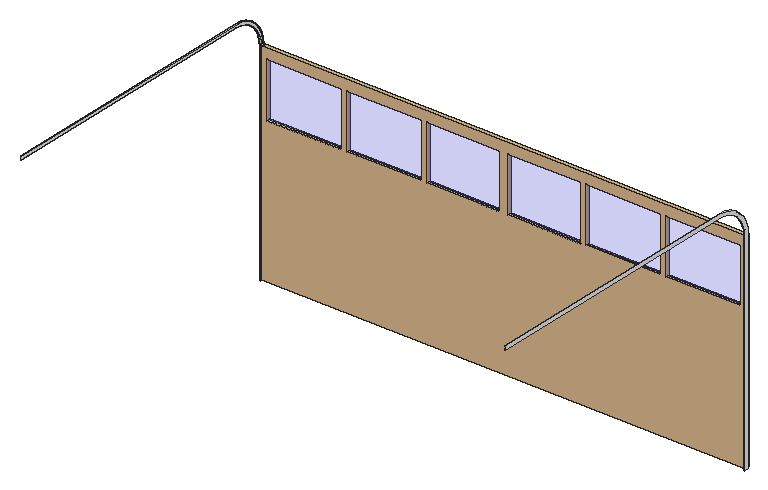
Revit family
Parameters (values of type "7Ft H x 16Ft W")
  Track Width = Width + 0' 2"  # 16' - 2"
  Track Height = Height + 1' 0"  # 8' - 0"
  Track Depth = 10' - 0"
  Track = Metal
  SmartBIM Object Version = 1  # constant formula
  SmartBIM Object Created By = "Reed Construction Data"  # constant formula
  Rough Width = 0' - 0"
  Rough Height = 0' - 0"
  Panel Thickness = 0' - 1 1/2"
  Manufacturer = ""
  Height = 7' - 0"
  Wall Closure = (empty or 0)
  Width = 16' - 0"
  Door Glass = Glass
  Door = Wood
  95 CSI = "08360"  # constant formula
  04 CSI = "08 36 13"  # constant formula
Types (3): name | Track Width | Width
  (no name) | 16' - 2" | 16' - 0"
  7Ft H x 8Ft W | 8' - 2" | 8' - 0"
  7Ft H x 16Ft W | 16' - 2" | 16' - 0"
Reference planes (in)
  plane 1 "Center (Front/Back)": y = 0
  plane 2 "Center (Left/Right)": x = 0
  plane 3 "Left": x = -96
  plane 4 "Right": x = 96
  plane 5 "Top": z = 84
  plane 6: x = -97
  plane 7: x = 97
  plane 8: y = -3.25
  plane 9: z = 81
  plane 10: y = -3.5
  plane 11: y = -3.5
  plane 12 "Ext": y = -4.25
  plane 13: y = -3.5
  plane 14 "Int": y = -2.75
  plane 15: z = 3
  plane 16: y = -3.5
  plane 17: z = 57
  plane 18: x = 64
  plane 19: x = 32
  plane 20: x = -64
  plane 21: x = -32
  plane 22: z = 80
  plane 23: x = 65
  plane 24: x = 95
  plane 25: z = 58
  plane 26: x = 63
  plane 27: x = 33
  plane 28: x = 31
  plane 29: x = 1
  plane 30: x = -1
  plane 31: x = -31
  plane 32: x = -33
  plane 33: x = -63
  plane 34: x = -65
  plane 35: x = -95
  plane 36: z = 53
  plane 37: z = 28
  plane 38: z = 29.5
  plane 39: z = 26.5
Forms (in)
  Extrusion 1, solid, material "Wood" <- "Door"
    sketch origin (0, 0, 0) x (1, 0, 0) y (0, 0, 1)
      loop
        line (-97, 84) -> (-97, 0) -> (97, 0) -> (97, 84) -> (-97, 84)
      loop
        line (95, 80) -> (65, 80) -> (65, 58) -> (95, 58) -> (95, 80)
      loop
        line (63, 58) -> (63, 80) -> (33, 80) -> (33, 58) -> (63, 58)
      loop
        line (31, 58) -> (31, 80) -> (1.5, 80) -> (1.5, 58) -> (31, 58)
      loop
        line (-1.5, 58) -> (-1.5, 80) -> (-31, 80) -> (-31, 58) -> (-1.5, 58)
      loop
        line (-33, 58) -> (-33, 80) -> (-63, 80) -> (-63, 58) -> (-33, 58)
      loop
        line (-65, 58) -> (-65, 80) -> (-95, 80) -> (-95, 58) -> (-65, 58)
    from 2.75 to 4.25
  Extrusion 2, solid, material "Glass" <- "Door Glass"
    sketch origin (0, -3.25, 0) x (1, 0, 0) y (0, 0, 1)
      loop
        line (95, 58) -> (95, 80) -> (65, 80) -> (65, 58) -> (95, 58)
      loop
        line (33, 58) -> (63, 58) -> (63, 80) -> (33, 80) -> (33, 58)
      loop
        line (31, 58) -> (31, 80) -> (1.5, 80) -> (1.5, 58) -> (31, 58)
      loop
        line (-1.5, 58) -> (-1.5, 80) -> (-31, 80) -> (-31, 58) -> (-1.5, 58)
      loop
        line (-63, 58) -> (-33, 58) -> (-33, 80) -> (-63, 80) -> (-63, 58)
      loop
        line (-65, 58) -> (-65, 80) -> (-95, 80) -> (-95, 58) -> (-65, 58)
    from 0 to 0.5
Lines and regions (in)
  Opening 1
    outline origin (-90, -2.75, 0) x (1, 0, 0) y (0, 0, 1)
      loop
        line (-6, 0) -> (186, 0) -> (186, 84) -> (-6, 84) -> (-6, 0)
  model lines
    curve 1: line (1.5, -2.75, 26.5) -> (31, -2.75, 26.5)
    curve 2: line (31, -2.75, 3) -> (31, -2.75, 26.5)
    curve 3: line (1.5, -2.75, 3) -> (31, -2.75, 3)
    curve 4: line (1.5, -2.75, 3) -> (1.5, -2.75, 26.5)
    curve 5: line (95, -2.75, 26.5) -> (95, -2.75, 3)
    curve 6: line (65, -2.75, 3) -> (65, -2.75, 26.5)
    curve 7: line (63, -2.75, 3) -> (63, -2.75, 26.5)
    curve 8: line (33, -2.75, 3) -> (33, -2.75, 26.5)
    curve 9: line (33, -2.75, 26.5) -> (63, -2.75, 26.5)
    curve 10: line (65, -2.75, 26.5) -> (95, -2.75, 26.5)
    curve 11: line (65, -2.75, 3) -> (95, -2.75, 3)
    curve 12: line (33, -2.75, 3) -> (63, -2.75, 3)
    curve 13: line (-1.5, -2.75, 26.5) -> (-31, -2.75, 26.5)
    curve 14: line (-1.5, -2.75, 3) -> (-1.5, -2.75, 26.5)
    curve 15: line (-31, -2.75, 3) -> (-1.5, -2.75, 3)
    curve 16: line (-31, -2.75, 26.5) -> (-31, -2.75, 3)
    curve 17: line (-33, -2.75, 26.5) -> (-63, -2.75, 26.5)
    curve 18: line (-33, -2.75, 3) -> (-33, -2.75, 26.5)
    curve 19: line (-63, -2.75, 3) -> (-33, -2.75, 3)
    curve 20: line (-63, -2.75, 26.5) -> (-63, -2.75, 3)
    curve 21: line (-65, -2.75, 26.5) -> (-95, -2.75, 26.5)
    curve 22: line (-65, -2.75, 3) -> (-65, -2.75, 26.5)
    curve 23: line (-95, -2.75, 3) -> (-65, -2.75, 3)
    curve 24: line (-95, -2.75, 29.5) -> (-95, -2.75, 3)
    curve 25: line (-95, -2.75, 29.5) -> (-65, -2.75, 29.5)
    curve 26: line (-95, -2.75, 53) -> (-95, -2.75, 29.5)
    curve 27: line (-65, -2.75, 53) -> (-95, -2.75, 53)
    curve 28: line (-65, -2.75, 29.5) -> (-65, -2.75, 53)
    curve 29: line (-63, -2.75, 29.5) -> (-33, -2.75, 29.5)
    curve 30: line (-63, -2.75, 53) -> (-63, -2.75, 29.5)
    curve 31: line (-33, -2.75, 53) -> (-63, -2.75, 53)
    curve 32: line (-33, -2.75, 29.5) -> (-33, -2.75, 53)
    curve 33: line (-31, -2.75, 29.5) -> (-1.5, -2.75, 29.5)
    curve 34: line (-31, -2.75, 53) -> (-31, -2.75, 29.5)
    curve 35: line (-1.5, -2.75, 53) -> (-31, -2.75, 53)
    curve 36: line (-1.5, -2.75, 29.5) -> (-1.5, -2.75, 53)
    curve 37: line (1.5, -2.75, 29.5) -> (31, -2.75, 29.5)
    curve 38: line (1.5, -2.75, 53) -> (1.5, -2.75, 29.5)
    curve 39: line (31, -2.75, 53) -> (1.5, -2.75, 53)
    curve 40: line (31, -2.75, 29.5) -> (31, -2.75, 53)
    curve 41: line (33, -2.75, 29.5) -> (63, -2.75, 29.5)
    curve 42: line (33, -2.75, 53) -> (33, -2.75, 29.5)
    curve 43: line (63, -2.75, 53) -> (33, -2.75, 53)
    curve 44: line (63, -2.75, 29.5) -> (63, -2.75, 53)
    curve 45: line (65, -2.75, 29.5) -> (95, -2.75, 29.5)
    curve 46: line (65, -2.75, 53) -> (65, -2.75, 29.5)
    curve 47: line (95, -2.75, 53) -> (65, -2.75, 53)
    curve 48: line (95, -2.75, 29.5) -> (95, -2.75, 53)
    curve 49: line (-65, -4.25, 53) -> (-95, -4.25, 53)
    curve 50: line (-95, -4.25, 53) -> (-95, -4.25, 29.5)
    curve 51: line (-95, -4.25, 29.5) -> (-65, -4.25, 29.5)
    curve 52: line (-65, -4.25, 29.5) -> (-65, -4.25, 53)
    curve 53: line (-33, -4.25, 53) -> (-63, -4.25, 53)
    curve 54: line (-63, -4.25, 53) -> (-63, -4.25, 29.5)
    curve 55: line (-63, -4.25, 29.5) -> (-33, -4.25, 29.5)
    curve 56: line (-33, -4.25, 29.5) -> (-33, -4.25, 53)
    curve 57: line (-1.5, -4.25, 53) -> (-31, -4.25, 53)
    curve 58: line (-31, -4.25, 53) -> (-31, -4.25, 29.5)
    curve 59: line (-31, -4.25, 29.5) -> (-1.5, -4.25, 29.5)
    curve 60: line (-1.5, -4.25, 29.5) -> (-1.5, -4.25, 53)
    curve 61: line (31, -4.25, 53) -> (1.5, -4.25, 53)
    curve 62: line (1.5, -4.25, 53) -> (1.5, -4.25, 29.5)
    curve 63: line (1.5, -4.25, 29.5) -> (31, -4.25, 29.5)
    curve 64: line (31, -4.25, 29.5) -> (31, -4.25, 53)
    curve 65: line (63, -4.25, 53) -> (33, -4.25, 53)
    curve 66: line (33, -4.25, 53) -> (33, -4.25, 29.5)
    curve 67: line (33, -4.25, 29.5) -> (63, -4.25, 29.5)
    curve 68: line (63, -4.25, 29.5) -> (63, -4.25, 53)
    curve 69: line (95, -4.25, 53) -> (65, -4.25, 53)
    curve 70: line (65, -4.25, 53) -> (65, -4.25, 29.5)
    curve 71: line (65, -4.25, 29.5) -> (95, -4.25, 29.5)
    curve 72: line (95, -4.25, 29.5) -> (95, -4.25, 53)
    curve 73: line (65, -4.25, 26.5) -> (95, -4.25, 26.5)
    curve 74: line (95, -4.25, 26.5) -> (95, -4.25, 3)
    curve 75: line (95, -4.25, 3) -> (65, -4.25, 3)
    curve 76: line (65, -4.25, 3) -> (65, -4.25, 26.5)
    curve 77: line (33, -4.25, 26.5) -> (63, -4.25, 26.5)
    curve 78: line (63, -4.25, 26.5) -> (63, -4.25, 3)
    curve 79: line (63, -4.25, 3) -> (33, -4.25, 3)
    curve 80: line (33, -4.25, 3) -> (33, -4.25, 26.5)
    curve 81: line (1.5, -4.25, 26.5) -> (31, -4.25, 26.5)
    curve 82: line (31, -4.25, 26.5) -> (31, -4.25, 3)
    curve 83: line (31, -4.25, 3) -> (1.5, -4.25, 3)
    curve 84: line (1.5, -4.25, 3) -> (1.5, -4.25, 26.5)
    curve 85: line (-1.5, -4.25, 26.5) -> (-31, -4.25, 26.5)
    curve 86: line (-31, -4.25, 26.5) -> (-31, -4.25, 3)
    curve 87: line (-31, -4.25, 3) -> (-1.5, -4.25, 3)
    curve 88: line (-1.5, -4.25, 3) -> (-1.5, -4.25, 26.5)
    curve 89: line (-33, -4.25, 26.5) -> (-63, -4.25, 26.5)
    curve 90: line (-63, -4.25, 26.5) -> (-63, -4.25, 3)
    curve 91: line (-63, -4.25, 3) -> (-33, -4.25, 3)
    curve 92: line (-33, -4.25, 3) -> (-33, -4.25, 26.5)
    curve 93: line (-65, -4.25, 26.5) -> (-95, -4.25, 26.5)
    curve 94: line (-95, -4.25, 26.5) -> (-95, -4.25, 3)
    curve 95: line (-95, -4.25, 3) -> (-65, -4.25, 3)
    curve 96: line (-65, -4.25, 3) -> (-65, -4.25, 26.5)
Text (in)
  text "Exterior" at (-74.96733, 27.31104, 0), in view "Ref. Level"
  text "Interior" at (-76.69036, -30.31274, 0), in view "Ref. Level"
  text "Exterior" at (0, 40.15149, 123.01588), in view "Right"
  text "Interior" at (0, -64.39139, 123.01588), in view "Right"
  text "Interior" at (0, -31.01599, 123.00693), in view "Left"
  text "Exterior" at (0, 54.57065, 123.00693), in view "Left"
Dimensions and locks (in)
  equal spacing: plane 3 "Left", plane 2 "Center (Left/Right)", plane 4 "Right"
  "Width": plane 3 "Left" to plane 4 "Right"
  locked: plane 6 to plane 3 "Left" at 1
  locked: plane 4 "Right" to plane 7 at 1
  plane 9 to plane 5 "Top" = 0' - 3"
  host wall to plane 8 to plane 10 = 0' - 0 1/2", 0' - 0 1/4"
  equal spacing: plane 12 "Ext", plane 13, plane 14 "Int"
  "Panel Thickness": plane 14 "Int" to plane 12 "Ext"
  plane 5 "Top" to plane 9 = 0' - 3"
  equal spacing: plane 7, plane 2 "Center (Left/Right)", plane 6
  locked: plane 15 to level at 3
  "Height": plane 5 "Top" to level
  locked: plane 17 to plane 9 at 24
  equal spacing: plane 2 "Center (Left/Right)", plane 19, plane 18, plane 4 "Right"
  equal spacing: plane 2 "Center (Left/Right)", plane 21, plane 20, plane 3 "Left"
  locked: plane 24 to plane 4 "Right" at 1
  locked: plane 23 to plane 18 at 1
  locked: plane 18 to plane 26 at 1
  locked: plane 27 to plane 19 at 1
  locked: plane 19 to plane 28 at 1
  locked: plane 29 to plane 2 "Center (Left/Right)" at 1
  locked: plane 2 "Center (Left/Right)" to plane 30 at 1
  locked: plane 21 to plane 31 at 1
  locked: plane 32 to plane 21 at 1
  locked: plane 20 to plane 33 at 1
  locked: plane 34 to plane 20 at 1
  locked: plane 3 "Left" to plane 35 at 1
  locked: plane 22 to plane 9 at 1
  locked: plane 17 to plane 25 at 1
  locked: Extrusion 2 to Extrusion 2 at 0.5
  locked: Extrusion 2 to plane 14 "Int" at 0.5
  locked: plane 36 to plane 17 at 4
  level to plane 15 = 0' - 3"
  equal spacing: plane 15, plane 37, plane 36
  plane 30 to Extrusion 1 sketch curve = 0' - 0 1/2"
  locked: plane 30 to Extrusion 1 sketch curve at 0.5
  locked: Extrusion 1 sketch curve to plane 29 at 0.5
  locked: plane 37 to plane 38 at 1.5
  locked: plane 39 to plane 37 at 1.5
  aligned and locked: plane 3 "Left" to Opening 1 sketch curve
  aligned and locked: plane 5 "Top" to Opening 1 sketch curve
  aligned and locked: Opening 1 sketch curve to plane 5 "Top"
  aligned and locked: Opening 1 sketch curve to plane 4 "Right"
  aligned and locked: Opening 1 sketch curve to level
  aligned and locked: Extrusion 1 sketch curve to plane 6
  aligned and locked: Extrusion 1 sketch curve to plane 7
  aligned and locked: Extrusion 1 sketch curve to level
  aligned and locked: Extrusion 1 sketch curve to host wall
  aligned and locked: plane 10 to plane 11
  aligned and locked: host wall to plane 14 "Int"
  aligned and locked: plane 11 to plane 13
  aligned and locked: plane 12 "Ext" to Extrusion 1
  aligned and locked: Extrusion 1 to host wall
  aligned and locked: plane 16 to plane 13
  aligned and locked: plane 24 to Extrusion 1 sketch curve
  aligned and locked: plane 22 to Extrusion 1 sketch curve  (x5)
  aligned and locked: Extrusion 1 sketch curve to plane 23
  aligned and locked: plane 26 to Extrusion 1 sketch curve
  aligned and locked: Extrusion 1 sketch curve to plane 25
  aligned and locked: plane 28 to Extrusion 1 sketch curve
  aligned and locked: plane 25 to Extrusion 1 sketch curve  (x4)
  aligned and locked: plane 32 to Extrusion 1 sketch curve
  aligned and locked: plane 34 to Extrusion 1 sketch curve
  aligned and locked: Extrusion 2 sketch curve to Extrusion 1  (x24)
  aligned and locked: plane 28 to curve 2
  aligned and locked: plane 24 to curve 5
  aligned and locked: plane 23 to curve 6
  aligned and locked: plane 26 to curve 7
  aligned and locked: plane 27 to curve 8
  aligned and locked: plane 39 to curve 13
  aligned and locked: plane 15 to curve 16
  aligned and locked: curve 16 to plane 31
  aligned and locked: plane 32 to curve 17
  aligned and locked: plane 39 to curve 17
  aligned and locked: curve 20 to plane 33
  aligned and locked: plane 39 to curve 21
  aligned and locked: plane 35 to curve 25
  aligned and locked: plane 36 to curve 28
  aligned and locked: plane 36 to curve 40
  aligned and locked: plane 28 to curve 40
  aligned and locked: plane 27 to curve 41
  aligned and locked: curve 44 to plane 36
  aligned and locked: plane 23 to curve 45
  aligned and locked: curve 49 to curve 27
  aligned and locked: curve 50 to curve 26
  aligned and locked: curve 52 to curve 28
  aligned and locked: curve 53 to curve 31
  aligned and locked: curve 54 to curve 30
  aligned and locked: curve 56 to curve 32
  aligned and locked: curve 35 to curve 57
  aligned and locked: curve 58 to curve 34
  aligned and locked: curve 61 to curve 39
  aligned and locked: curve 37 to curve 63
  aligned and locked: curve 64 to curve 40
  aligned and locked: curve 65 to curve 43
  aligned and locked: curve 66 to curve 42
  aligned and locked: curve 67 to curve 41
  aligned and locked: curve 68 to curve 44
  aligned and locked: curve 69 to curve 47
  aligned and locked: curve 70 to curve 46
  aligned and locked: curve 71 to curve 45
  aligned and locked: curve 72 to curve 48
  aligned and locked: curve 75 to curve 11
  aligned and locked: curve 76 to curve 6
  aligned and locked: curve 79 to curve 12
  aligned and locked: curve 80 to curve 8
  aligned and locked: curve 83 to curve 3
  aligned and locked: curve 86 to curve 16
  aligned and locked: curve 87 to curve 15
  aligned and locked: curve 90 to curve 20
  aligned and locked: curve 91 to curve 19
  aligned and locked: curve 92 to curve 18
  aligned and locked: curve 24 to curve 94
  aligned and locked: curve 95 to curve 23
  aligned and locked: curve 96 to curve 22
  aligned and locked: curve 51 to plane 38
  aligned and locked: plane 38 to curve 55
  aligned and locked: curve 55 to curve 59
  aligned and locked: plane 39 to curve 93
  aligned and locked: plane 39 to curve 89
  aligned and locked: plane 39 to curve 85
  aligned and locked: curve 81 to plane 39
  aligned and locked: curve 77 to plane 39
  aligned and locked: curve 73 to plane 39
  aligned and locked: curve 48 to plane 38
  aligned and locked: plane 38 to curve 46
  aligned and locked: plane 38 to curve 44
  aligned and locked: plane 38 to curve 42
  aligned and locked: plane 38 to curve 40
  aligned and locked: plane 38 to curve 38
  aligned and locked: plane 38 to curve 33
  aligned and locked: plane 38 to curve 34
  aligned and locked: plane 38 to curve 32
  aligned and locked: plane 38 to curve 30
  aligned and locked: plane 38 to curve 28
  aligned and locked: plane 38 to curve 26
  aligned and locked: curve 21 to plane 39
  aligned and locked: plane 39 to curve 20
  aligned and locked: plane 39 to curve 16
  aligned and locked: plane 39 to curve 1
  aligned and locked: plane 39 to curve 2
  aligned and locked: plane 39 to curve 9  (x2)
  aligned and locked: plane 39 to curve 10  (x2)
  aligned and locked: curve 88 to curve 60
  aligned and locked: curve 84 to curve 62
  aligned and locked: curve 36 to Extrusion 1
  aligned and locked: curve 14 to Extrusion 1
  aligned and locked: nested 1 to plane 2 "Center (Left/Right)"
  aligned and locked: nested 1 to plane 12 "Ext"
Automatic sketch dimensions
  Extrusion 1 sketch curve to plane 31 = 0' - 0"
  Extrusion 1 sketch curve to plane 22 = 0' - 0"
  curve 23 to plane 15 = 0' - 0"
  curve 19 to plane 15 = 0' - 0"
  curve 12 to plane 15 = 0' - 0"
  curve 2 to plane 15 = 0' - 0"
  curve 5 to plane 15 = 0' - 0"
  curve 36 to plane 36 = 0' - 0"
  curve 32 to plane 36 = 0' - 0"
  curve 46 to plane 36 = 0' - 0"
  curve 45 to plane 24 = 0' - 0"
  curve 43 to plane 26 = 0' - 0"
  curve 32 to plane 32 = 0' - 0"
  curve 33 to plane 31 = 0' - 0"
  curve 28 to plane 34 = 0' - 0"
  curve 31 to plane 33 = 0' - 0"
  curve 23 to plane 34 = 0' - 0"
  curve 83 to plane 28 = 0' - 0"
  curve 79 to plane 26 = 0' - 0"
  curve 74 to plane 24 = 0' - 0"
  Extrusion 1 sketch curve to plane 35 = 0' - 0"
  Extrusion 1 sketch curve to plane 33 = 0' - 0"
  Extrusion 1 sketch curve to plane 27 = 0' - 0"
  Extrusion 1 sketch curve to Extrusion 1 sketch curve = 0' - 0"
Nested families (in)
  nested 1: "Door Track" at (-0.5, -65, 0), Width <- "Track Width", Height <- "Track Height", Depth <- "Track Depth", type "Door Track"
    with Width 16' - 2", Height 8' - 0", Depth 10' - 0"
Definition of nested family "Door Track"
  Parameters
    Width [instance] = 10' - 0"
    Track = Metal
    Height [instance] = 11' - 0"
    Depth [instance] = 10' - 0"
  Reference planes (in)
    plane 1 "Center (Front/Back)": y = 0
    plane 2: z = 0
    plane 3 "Center (Left/Right)": x = 0.5
    plane 4 "Back": y = 60
    plane 5 "Front": y = -60
    plane 6 "Left": x = -59.5
    plane 7 "Right": x = 60.5
    plane 8 "Top": z = 132
    plane 9 "Center (Up/Down)": z = 66
    plane 10: y = 60.75
    plane 11: y = 61.5
  Forms (in)
    Sweep 1, solid, material "Metal" <- "Track"
      path origin (60.5, 60, 48) x (0, 1, 0) y (0, 0, 1)
        loop
          line (0, -48) -> (0, 72)
          arc (0, 72) -> (-3.51472, 80.48528) -> (-12, 84) r 12
          line (-12, 84) -> (-120, 84)
      profile origin (60.5, -6, 132) x (0, 0, -1) y (1, 0, 0)
        loop
          line (-1.5, 0) -> (-1.375, 0) -> (-1.375, 0.375) -> (-0.125, 0.375) -> (-0.125, 0) -> (0, 0) -> (0, 0.5) -> (-1.5, 0.5) -> (-1.5, 0)
    Sweep 2, solid, material "Metal" <- "Track"
      path origin (-59.5, 60, 48) x (0, 1, 0) y (0, 0, 1)
        loop
          line (0, -48) -> (0, 72)
          arc (0, 72) -> (-3.51472, 80.48528) -> (-12, 84) r 12
          line (-12, 84) -> (-120, 84)
      profile origin (-59.5, -6, 132) x (0, 0, -1) y (1, 0, 0)
        loop
          line (-1.5, 0) -> (-1.5, -0.5) -> (0, -0.5) -> (0, 0) -> (-0.125, 0) -> (-0.125, -0.375) -> (-1.375, -0.375) -> (-1.375, 0) -> (-1.5, 0)
  Dimensions and locks (in)
    equal spacing: plane 6 "Left", plane 3 "Center (Left/Right)", plane 7 "Right"
    "Width": plane 6 "Left" to plane 7 "Right"
    equal spacing: plane 4 "Back", plane 1 "Center (Front/Back)", plane 5 "Front"
    "Depth": plane 4 "Back" to plane 5 "Front"
    "Height": plane 8 "Top" to plane 2
    equal spacing: plane 8 "Top", plane 9 "Center (Up/Down)", level
    locked: Sweep 2 sketch curve to Sweep 2 sketch curve at 0.125  (x3)
    locked: Sweep 2 sketch curve to Sweep 2 sketch curve at 0.5  (x2)
    locked: Sweep 2 sketch curve to Sweep 2 sketch curve at 1.5
    locked: Sweep 1 sketch curve to Sweep 1 sketch curve at 0.5  (x2)
    locked: Sweep 1 sketch curve to Sweep 1 sketch curve at 0.125  (x3)
    locked: Sweep 1 sketch curve to Sweep 1 sketch curve at 1.5
    equal spacing: plane 4 "Back", plane 10, plane 11
    locked: plane 10 to plane 11 at 0.75
    radius of Sweep 1 sketch curve = 1' - 0"
    radius of Sweep 2 sketch curve = 1' - 0"
    aligned and locked: plane 8 "Top" to Sweep 1 sketch curve  (x2)
    aligned and locked: plane 5 "Front" to Sweep 1 sketch curve
    aligned and locked: plane 4 "Back" to Sweep 1 sketch curve
    aligned and locked: plane 4 "Back" to Sweep 2 sketch curve
    aligned and locked: plane 5 "Front" to Sweep 2 sketch curve
    aligned and locked: level to Sweep 2 sketch curve
    aligned and locked: Sweep 2 sketch curve to profile plane  (x2)
    aligned and locked: Sweep 1 sketch curve to profile plane
    aligned and locked: plane 11 to Sweep 1
  Automatic sketch dimensions
    Sweep 1 sketch curve to level = 0' - 0"
    Sweep 2 sketch curve to plane 8 "Top" = 0' - 0"
